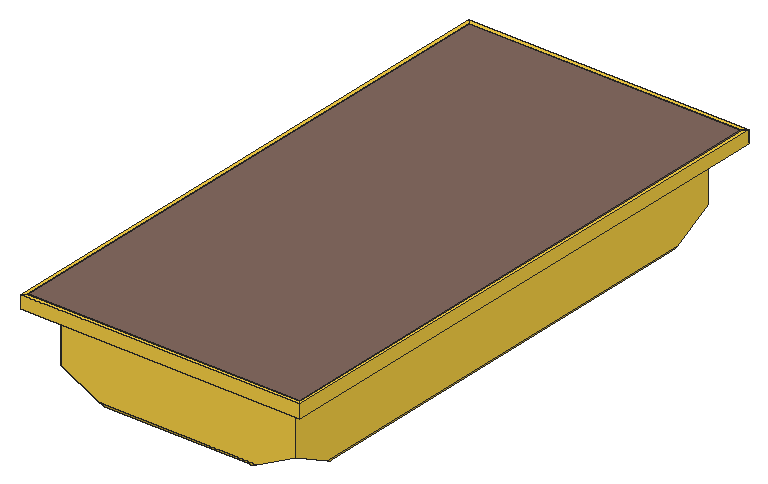
Revit family "CC4_PANEL CC 0.75x0.375_1870265", category Generic Models, Revit 2018
Family settings
  Can host rebar = No
  Round Connector Dimension = Use Diameter
  Part Type = Normal
  OmniClass Number = 35.51.14.00
  OmniClass Title = FORMWORK
  Work Plane-Based = Yes
  Always vertical = No
  Cut with Voids When Loaded = No
  Shared = Yes
  Room Calculation Point = No
Parameters
  VERSION = "20190101"  # constant formula
  URL = "www.ulmaconstruction.com/en"
  UNICLASS = ""
  ITEM_CODE = "1870265"
  Manufacturer = "ULMA CONSTRUCTION"  # constant formula
  FILTER [instance] = ""
  Default Elevation = 0.000 mm
  CLASSIFICATION_TITLE = ""
  CLASSIFICATION_NUMBER = ""
Reference planes
  plane 1 "Centro (Frontal/Posterior)": y = 0
  plane 2: z = 0
  plane 3 "Centro (Izquierda/Derecha)": x = 0
Forms (mm)
  Extrusion 1, solid, material "ULMA YELLOW", detail levels fine
    sketch origin (0, 0, 0) x (1, 0, 0) y (0, 0, 1)
      loop
        line (-50, -115.5) -> (-50, -118.5) -> (-34, -118.5)
        arc (-34, -118.5) -> (-31.172, -117.328) -> (-30, -114.5) r 4
        line (-30, -114.5) -> (-30, -17.5) -> (0, -17.5) -> (0, 0) -> (-5.25, 0) -> (-5.25, -9) -> (-32, -9) -> (-32, -85) -> (-33, -85) -> (-33, -111.5) -> (-46, -111.5)
        arc (-46, -111.5) -> (-48.828, -112.672) -> (-50, -115.5) r 4
    from 0 to -750
  Extrusion 2, solid, material "ULMA YELLOW", detail levels fine
    sketch origin (-375, 0, 0) x (-1, 0, 0) y (0, 0, -1)
      loop
        arc (-50, 115.5) -> (-48.828, 112.672) -> (-46, 111.5) r 4
        line (-46, 111.5) -> (-33, 111.5) -> (-33, 85) -> (-32, 85) -> (-32, 9) -> (-5.25, 9) -> (-5.25, 0) -> (0, 0) -> (0, 17.5) -> (-30, 17.5) -> (-30, 114.5)
        arc (-30, 114.5) -> (-31.172, 117.328) -> (-34, 118.5) r 4
        line (-34, 118.5) -> (-50, 118.5) -> (-50, 115.5)
    from -750 to 0
  Extrusion 3, solid, material "ULMA YELLOW", detail levels fine
    sketch origin (0, 0, 0) x (0, 1, 0) y (0, 0, 1)
      loop
        line (0, 0) -> (0, -17.5) -> (30, -17.5) -> (30, -114.5)
        arc (30, -114.5) -> (31.172, -117.328) -> (34, -118.5) r 4
        line (34, -118.5) -> (50, -118.5) -> (50, -115.5)
        arc (50, -115.5) -> (48.828, -112.672) -> (46, -111.5) r 4
        line (46, -111.5) -> (33, -111.5) -> (33, -85) -> (32, -85) -> (32, -9) -> (5.25, -9) -> (5.25, 0) -> (0, 0)
    from 0 to -375
  Extrusion 4, void
    sketch origin (-375, 1500, 0) x (-1, 0, 0) y (0, -1, 0)
      loop
        line (0, 1500) -> (-50, 1450) -> (0, 1450) -> (0, 1500)
    from -118.5 to 0
  Extrusion 5, void
    sketch origin (-375, 1500, 0) x (-1, 0, 0) y (0, -1, 0)
      loop
        line (0, 1500) -> (-50, 1500) -> (-50, 1450) -> (0, 1500)
    from -118.5 to 0
  Extrusion 6, void
    sketch origin (0, 1500, 0) x (1, 0, 0) y (0, 1, 0)
      loop
        line (0, -1500) -> (-50, -1450) -> (-50, -1500) -> (0, -1500)
    from -118.5 to 0
  Extrusion 7, void
    sketch origin (0, 1500, 0) x (1, 0, 0) y (0, 1, 0)
      loop
        line (0, -1500) -> (0, -1450) -> (-50, -1450) -> (0, -1500)
    from -118.5 to 0
  Extrusion 8, void
    sketch origin (0, 1500, 0) x (0, -1, 0) y (0, 0, -1)
      loop
        line (1470, 87.546) -> (1470, 118.5) -> (1409.25, 118.5) -> (1470, 87.546)
    from -50 to 0
  Extrusion 9, void
    sketch origin (-1500, 0, 0) x (1, 0, 0) y (0, 0, 1)
      loop
        line (1470, -87.546) -> (1409.25, -118.5) -> (1470, -118.5) -> (1470, -87.546)
    from -50 to 0
  Extrusion 10, void
    sketch origin (1125, 0, 0) x (-1, 0, 0) y (0, 0, -1)
      loop
        line (1470, 87.546) -> (1470, 118.5) -> (1409.25, 118.5) -> (1470, 87.546)
    from -50 to 0
  Extrusion 11, void
    sketch origin (-375, 1500, 0) x (0, -1, 0) y (0, 0, 1)
      loop
        line (1470, -87.546) -> (1409.25, -118.5) -> (1470, -118.5) -> (1470, -87.546)
    from -50 to 0
  Extrusion 12, solid, material "ULMA PLYWOOD", detail levels fine
    sketch origin (0, 0, 0) x (1, 0, 0) y (0, 1, 0)
      loop
        line (-369.75, 744.75) -> (-369.75, 5.25) -> (-5.25, 5.25) -> (-5.25, 744.75) -> (-369.75, 744.75)
    from -9 to 0
  Extrusion 13, solid, material "ULMA PLYWOOD", detail levels medium
    sketch origin (0, 0, 0) x (1, 0, 0) y (0, 1, 0)
      loop
        line (-375, 750) -> (-375, 0) -> (0, 0) -> (0, 750) -> (-375, 750)
    from -118.5 to 0
  Extrusion 14, void
    sketch origin (-375, -750, 0) x (0, 1, 0) y (0, 0, -1)
      loop
        line (1470, 87.546) -> (1470, 118.5) -> (1409.25, 118.5) -> (1470, 87.546)
    from -50 to 0
  Extrusion 15, void
    sketch origin (-375, -750, 0) x (-1, 0, 0) y (0, -1, 0)
      loop
        line (0, -1500) -> (-50, -1450) -> (-50, -1500) -> (0, -1500)
    from -118.5 to 0
  Extrusion 16, void
    sketch origin (0, -750, 0) x (1, 0, 0) y (0, 1, 0)
      loop
        line (0, 1500) -> (-50, 1500) -> (-50, 1450) -> (0, 1500)
    from -118.5 to 0
  Extrusion 17, void
    sketch origin (0, -750, 0) x (0, 1, 0) y (0, 0, 1)
      loop
        line (1470, -87.546) -> (1409.25, -118.5) -> (1470, -118.5) -> (1470, -87.546)
    from -50 to 0
  Extrusion 18, solid, material "ULMA YELLOW", detail levels fine
    sketch origin (0, 750, 0) x (0, -1, 0) y (0, 0, -1)
      loop
        line (0, 0) -> (5.25, 0) -> (5.25, 9) -> (32, 9) -> (32, 85) -> (33, 85) -> (33, 111.5) -> (46, 111.5)
        arc (46, 111.5) -> (48.828, 112.672) -> (50, 115.5) r 4
        line (50, 115.5) -> (50, 118.5) -> (34, 118.5)
        arc (34, 118.5) -> (31.172, 117.328) -> (30, 114.5) r 4
        line (30, 114.5) -> (30, 17.5) -> (0, 17.5) -> (0, 0)
    from 0 to -375
  Extrusion 19, void
    sketch origin (0, -750, 0) x (1, 0, 0) y (0, 1, 0)
      loop
        line (0, 1500) -> (-50, 1450) -> (0, 1450) -> (0, 1500)
    from -118.5 to 0
  Extrusion 20, void
    sketch origin (-375, -750, 0) x (-1, 0, 0) y (0, -1, 0)
      loop
        line (0, -1500) -> (0, -1450) -> (-50, -1450) -> (0, -1500)
    from -118.5 to 0
  Extrusion 21, void
    sketch origin (1125, 750, 0) x (-1, 0, 0) y (0, 0, 1)
      loop
        line (1470, -87.546) -> (1409.25, -118.5) -> (1470, -118.5) -> (1470, -87.546)
    from -50 to 0
  Extrusion 22, void
    sketch origin (-1500, 750, 0) x (1, 0, 0) y (0, 0, -1)
      loop
        line (1470, 87.546) -> (1470, 118.5) -> (1409.25, 118.5) -> (1470, 87.546)
    from -50 to 0
  Extrusion 23, solid, material "ULMA YELLOW", detail levels fine
    sketch origin (-378.5, -0.25, 0) x (0, -1, 0) y (0, 0, 1)
      loop
        line (-361, -85) -> (-361, -10) -> (-389, -10) -> (-389, -12.5) -> (-363, -12.5) -> (-363, -82.5) -> (-389, -82.5) -> (-389, -85) -> (-361, -85)
    from -346.5 to -35.5
Cuts and joins
  Extrusion 6, Extrusion 8, Extrusion 16, Extrusion 17 cuts Extrusion 1
  Extrusion 5, Extrusion 6, Extrusion 7, Extrusion 11, Extrusion 14, Extrusion 15 cuts Extrusion 2
  Extrusion 4, Extrusion 7, Extrusion 9, Extrusion 10 cuts Extrusion 3
  Extrusion 19, Extrusion 20, Extrusion 21, Extrusion 22 cuts Extrusion 18
Lines and regions (mm)
  model lines, style "ULMA PANEL CC", detail levels coarse
    curve 1: line (-285, 90, 0) -> (-90, 660, 0)
Dimensions and locks
  aligned and locked: level to plane 2
